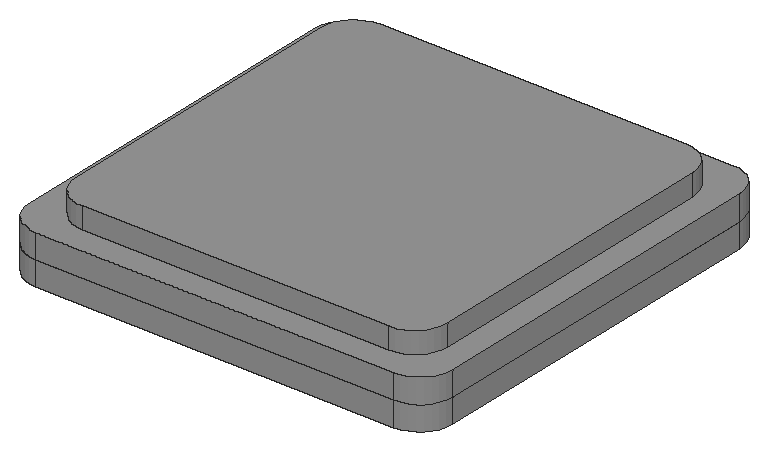
Revit family "FMS2_63_UN_Surface-mounted_ETK", category Lighting Fixtures, Revit 2019 (continued)
Definition of nested family "FMS.2 - Lightsource"
  Types (14, lengths in mm): name | Wattage Comments | Wattage | built-in parameter 1150134 | Photometric Web File | built-in parameter 1150142 | built-in parameter 1150105 | Lumens | built-in parameter 1150107 | built-in parameter 1150106 | Apparent Load
      80.8074\t980.235\t979.6626\t978.804\r\n977.9454\t976.8006\t975.942\t974.7972\t973.9386\t972.7938\t971.649\t970.5042\t969.0732\t967.9284\r\n966.7836\t965.3526\t963.9216\t962.7768\t961.0596\t959.3424\t957.9114\t956.1942\t954.7632\t951.9012\r\n949.0392\t946.1772\t943.3152\t940.167\t937.0188\t933.8706\t930.4362\t927.288\t923.8536\t920.7054\r\n917.5572\t914.409\t910.9746\t907.5402\t903.8196\t900.099\t896.6646\t892.944\t889.2234\t885.5028\r\n882.0684\t878.3478\t874.341\t870.6204\t866.8998\t862.3206\t857.4552\t852.5898\t847.4382\t842.0004\r\n836.8488\t831.411\t826.2594\t821.1078\t815.9562\t810.8046\t805.653\t800.5014\t795.3498\t789.912\r\n784.7604\t779.6088\t774.4572\t769.5918\t764.4402\t758.7162\t753.2784\t747.8406\t742.4028\t736.3926\r\n730.0962\t723.5136\t716.931\t710.3484\t704.052\t697.4694\t690.8868\t684.3042\t678.0078\t671.4252\r\n665.1288\t658.5462\t651.9636\t645.6672\t639.0846\t632.502\t625.9194\t619.3368\t612.7542\t606.1716\r\n599.3028\t591.8616\t584.7066\t577.2654\t570.1104\t562.6692\t555.228\t548.073\t540.6318\t533.1906\r\n525.7494\t518.3082\t510.867\t503.4258\t496.2708\t488.8296\t481.6746\t474.5196\t467.3646\t459.9234\r\n452.196\t444.1824\t436.455\t428.4414\t420.4278\t412.7004\t404.6868\t396.9594\t389.232\t381.2184\r\n373.491\t365.7636\t358.0362\t350.3088\t342.5814\t334.854\t327.1266\t319.113\t311.3856\t303.6582\r\n295.9308\t288.2034\t280.4474\t272.7772\t265.1357\t257.5228\t249.9098\t242.3255\t234.7699\t227.2428\r\n219.7157\t212.2173\t205.1482\t198.1363\t191.153\t184.1697\t177.2437\t170.289\t163.3916\t156.4942\r\n149.5967\t142.7279\t135.8591\t129.0476\t122.2074\t115.4245\t106.7812\t91.355\t75.9289\t60.4741\r\n45.0479\t29.6217\t14.1955\t0\t0\t0\t0\t0\t0\t0\r\n0\r\n985.1004\t983.9556\t983.097\t981.9522\t981.3798\t981.0936\t980.5212\t979.9488\t979.3764\t978.804\r\n977.9454\t976.8006\t975.942\t974.7972\t973.9386\t972.7938\t971.9352\t970.7904\t969.6456\t968.5008\r\n967.0698\t965.925\t964.7802\t963.6354\t962.2044\t961.0596\t959.3424\t956.4804\t953.6184\t950.7564\r\n947.8944\t945.0324\t942.1704\t939.3084\t936.4464\t933.2982\t930.15\t927.0018\t923.8536\t920.7054\r\n917.5572\t914.1228\t910.9746\t907.8264\t904.6782\t901.53\t898.0956\t894.9474\t891.513\t887.7924\r\n884.0718\t880.3512\t875.4858\t870.9066\t866.0412\t861.1758\t856.3104\t851.445\t846.5796\t841.7142\r\n836.8488\t831.9834\t826.8318\t821.9664\t817.101\t812.2356\t807.084\t801.9324\t797.067\t791.9154\r\n786.7638\t781.6122\t776.7468\t771.309\t766.1574\t759.861\t753.5646\t747.2682\t740.9718\t734.6754\r\n728.9514\t722.9412\t716.931\t710.6346\t704.3382\t698.0418\t691.7454\t685.1628\t678.8664\t672.2838\r\n665.9874\t659.691\t653.3946\t647.3844\t641.088\t634.7916\t627.6366\t620.4816\t613.0404\t605.8854\r\n598.7304\t591.5754\t584.4204\t577.2654\t570.1104\t562.9554\t555.8004\t548.6454\t541.4904\t534.3354\r\n527.4666\t520.3116\t513.1566\t506.0016\t499.1328\t491.6916\t483.9642\t476.2368\t468.5094\t460.782\r\n453.0546\t445.3272\t437.3136\t429.5862\t421.5726\t413.8452\t406.1178\t398.3904\t390.663\t382.9356\r\n375.4944\t368.0532\t360.3258\t352.5984\t344.5848\t336.8574\t328.8438\t321.1164\t313.1028\t305.3754\r\n297.648\t289.9206\t282.2218\t274.5517\t266.8529\t259.2113\t251.5698\t243.9283\t236.2867\t228.731\r\n221.576\t214.421\t207.2947\t200.1683\t193.0705\t186.0014\t178.9609\t171.9203\t164.9084\t157.8965\r\n150.8846\t143.9014\t136.9467\t129.992\t123.0374\t112.82\t97.4225\t82.0249\t66.656\t51.2584\r\n35.8609\t20.4862\t5.1001\t0\t0\t0\t0\t0\t0\t0\r\n0\r\n985.1004\t983.9556\t983.097\t981.9522\t981.3798\t980.8074\t980.235\t979.6626\t979.0902\t978.5178\r\n977.9454\t977.0868\t975.942\t975.0834\t974.2248\t973.08\t972.2214\t971.0766\t970.218\t969.0732\r\n967.6422\t966.4974\t965.3526\t964.2078\t963.3492\t961.0596\t958.1976\t955.6218\t952.7598\t949.8978\r\n947.0358\t944.1738\t941.3118\t938.4498\t935.5878\t932.7258\t929.8638\t927.0018\t924.1398\t921.2778\r\n918.1296\t914.9814\t911.8332\t908.685\t905.5368\t902.3886\t899.2404\t896.0922\t892.944\t888.3648\r\n883.7856\t879.2064\t874.6272\t870.048\t865.1826\t860.6034\t855.738\t851.1588\t846.2934\t841.7142\r\n836.8488\t832.2696\t827.4042\t822.5388\t817.6734\t812.808\t807.9426\t803.3634\t798.7842\t793.9188\r\n789.3396\t783.6156\t777.6054\t771.5952\t765.585\t759.5748\t753.5646\t747.5544\t741.258\t735.2478\r\n728.9514\t722.655\t716.6448\t710.3484\t704.3382\t698.0418\t692.0316\t686.0214\t679.725\t673.7148\r\n667.7046\t661.6944\t655.1118\t648.243\t641.3742\t634.5054\t627.3504\t620.4816\t613.6128\t606.4578\r\n599.589\t592.434\t585.279\t578.4102\t571.2552\t564.3864\t557.2314\t550.3626\t543.4938\t536.625\r\n529.47\t522.6012\t514.5876\t506.8602\t499.1328\t491.4054\t483.678\t475.9506\t468.5094\t460.782\r\n453.3408\t445.6134\t438.1722\t430.4448\t423.0036\t415.2762\t407.5488\t400.1076\t392.6664\t384.939\r\n377.2116\t369.4842\t361.4706\t353.7432\t346.0158\t338.0022\t330.2748\t322.5474\t314.82\t307.0926\r\n299.3652\t291.6378\t283.7673\t276.0685\t268.3697\t260.671\t253.0008\t245.3879\t238.147\t230.9062\r\n223.6653\t216.4244\t209.2122\t202.0286\t194.845\t187.6613\t180.4777\t173.3227\t166.1677\t159.0413\r\n151.915\t144.7886\t137.6908\t130.5931\t119.8606\t104.4916\t89.1227\t73.7537\t58.4134\t43.0445\r\n27.6784\t12.3152\t0\t0\t0\t0\t0\t0\t0\t0\r\n0\r\n985.1004\t983.9556\t983.097\t982.2384\t981.0936\t980.5212\t979.9488\t979.3764\t978.804\t978.2316\r\n977.6592\t976.8006\t976.2282\t975.3696\t974.2248\t973.3662\t972.5076\t971.649\t970.5042\t969.6456\r\n968.787\t967.6422\t966.4974\t965.0664\t962.4906\t959.9148\t957.339\t954.7632\t952.1874\t949.3254\r\n946.7496\t943.8876\t941.0256\t938.1636\t935.5878\t932.7258\t929.8638\t927.0018\t924.1398\t921.2778\r\n918.4158\t915.5538\t912.6918\t909.8298\t906.9678\t903.8196\t900.3852\t896.0922\t891.513\t887.22\r\n882.6408\t878.0616\t873.4824\t869.1894\t864.6102\t860.031\t855.738\t851.1588\t846.5796\t842.0004\r\n837.4212\t832.5558\t827.9766\t823.3974\t818.8182\t814.239\t809.6598\t805.3668\t799.929\t793.9188\r\n788.1948\t782.1846\t776.4606\t770.4504\t764.7264\t758.7162\t752.9922\t746.982\t741.258\t735.534\r\n729.5238\t723.7998\t718.0758\t712.0656\t706.0554\t700.0452\t694.3212\t688.311\t682.3008\t675.432\r\n668.5632\t661.6944\t654.8256\t647.9568\t641.088\t634.2192\t627.3504\t620.4816\t613.6128\t606.744\r\n599.8752\t593.2926\t586.4238\t579.555\t572.9724\t566.1036\t559.2348\t552.6522\t545.7834\t538.3422\r\n530.6148\t522.8874\t515.16\t507.7188\t499.9914\t492.264\t484.8228\t477.3816\t469.6542\t462.213\r\n454.7718\t447.0444\t439.6032\t432.162\t424.4346\t416.9934\t409.5522\t401.8248\t394.0974\t386.0838\r\n378.3564\t370.629\t362.6154\t354.888\t347.1606\t339.147\t331.4196\t323.6922\t315.9648\t307.9512\r\n300.2238\t292.4964\t284.8835\t277.1847\t269.4859\t261.7871\t254.489\t247.1623\t239.8642\t232.5661\r\n225.268\t217.9985\t210.7004\t203.431\t196.1615\t188.892\t181.6225\t174.3817\t167.1408\t159.8999\r\n152.6877\t145.4755\t138.2346\t128.0745\t112.7056\t97.3366\t81.9677\t66.5987\t51.2298\t35.8609\r\n20.5005\t5.1344\t0\t0\t0\t0\t0\t0\t0\t0\r\n0\r\n985.1004\t983.9556\t983.097\t982.2384\t981.3798\t980.5212\t979.9488\t979.3764\t978.804\t977.9454\r\n977.373\t976.5144\t975.942\t975.0834\t974.511\t973.6524\t972.7938\t971.9352\t971.0766\t970.218\r\n969.0732\t968.2146\t967.356\t964.7802\t962.2044\t959.6286\t956.7666\t954.1908\t951.3288\t948.753\r\n946.1772\t943.6014\t940.7394\t938.1636\t935.5878\t932.7258\t929.8638\t927.288\t924.426\t921.564\r\n918.9882\t916.1262\t913.5504\t910.6884\t907.5402\t903.5334\t899.2404\t894.9474\t890.6544\t886.3614\r\n882.0684\t877.7754\t873.4824\t869.1894\t864.8964\t860.6034\t856.3104\t851.7312\t847.4382\t843.1452\r\n838.566\t833.9868\t829.4076\t824.8284\t820.2492\t815.9562\t810.2322\t804.5082\t798.7842\t793.0602\r\n787.6224\t781.6122\t775.8882\t770.4504\t764.7264\t759.0024\t753.2784\t747.5544\t741.8304\t735.8202\r\n730.0962\t724.086\t718.362\t712.638\t706.914\t701.4762\t695.466\t688.5972\t682.0146\t675.1458\r\n668.5632\t661.9806\t655.1118\t648.5292\t641.6604\t635.0778\t628.209\t621.6264\t614.7576\t608.175\r\n601.3062\t594.7236\t587.8548\t581.2722\t574.4034\t567.8208\t560.6658\t553.2246\t545.4972\t538.056\r\n530.6148\t522.8874\t515.4462\t508.005\t500.5638\t492.8364\t485.3952\t477.954\t470.5128\t463.0716\r\n455.6304\t448.1892\t440.748\t433.3068\t425.8656\t418.4244\t410.4108\t402.6834\t394.956\t386.9424\r\n379.215\t371.4876\t363.7602\t355.7466\t348.0192\t340.2918\t332.5644\t324.837\t317.1096\t309.3822\r\n301.3686\t293.6412\t286.0283\t278.2723\t270.7166\t263.3326\t255.9487\t248.5647\t241.2094\t233.854\r\n226.4987\t219.1433\t211.8166\t204.4613\t197.1346\t189.8078\t182.5097\t175.183\t167.8563\t160.5582\r\n153.2601\t145.962\t137.376\t121.9784\t106.6095\t91.2406\t75.843\t60.4741\t45.1051\t29.7076\r\n14.3443\t0\t0\t0\t0\t0\t0\t0\t0\t0\r\n0\r\n985.1004\t984.2418\t983.097\t982.2384\t981.3798\t980.5212\t979.9488\t979.0902\t978.5178\t977.9454\r\n977.0868\t976.5144\t975.6558\t975.0834\t974.2248\t973.6524\t972.7938\t972.2214\t971.3628\t970.5042\r\n969.6456\t968.787\t966.7836\t964.2078\t961.632\t959.0562\t956.7666\t954.1908\t951.615\t949.0392\r\n946.4634\t943.6014\t941.0256\t938.1636\t935.5878\t933.012\t930.15\t927.5742\t924.9984\t922.4226\r\n919.5606\t916.9848\t914.1228\t910.6884\t906.3954\t902.1024\t898.0956\t893.8026\t889.5096\t885.5028\r\n881.2098\t877.203\t872.91\t868.9032\t864.6102\t860.6034\t856.3104\t852.0174\t847.7244\t843.4314\r\n839.4246\t835.1316\t830.8386\t826.5456\t821.1078\t815.67\t809.946\t804.5082\t798.7842\t793.0602\r\n787.3362\t781.6122\t775.8882\t770.4504\t764.7264\t759.0024\t753.2784\t747.5544\t741.8304\t736.1064\r\n730.3824\t724.6584\t718.9344\t713.4966\t707.4864\t700.9038\t694.6074\t688.0248\t681.4422\t674.8596\r\n668.5632\t661.6944\t655.1118\t648.5292\t641.9466\t635.364\t628.7814\t622.1988\t615.33\t608.7474\r\n602.1648\t595.296\t588.7134\t582.1308\t575.262\t567.8208\t560.3796\t552.9384\t545.4972\t538.056\r\n530.6148\t523.1736\t515.7324\t508.5774\t501.1362\t493.695\t486.2538\t479.0988\t471.6576\t464.2164\r\n456.7752\t449.334\t441.8928\t434.4516\t426.7242\t418.9968\t410.9832\t403.2558\t395.5284\t387.801\r\n380.0736\t372.06\t364.3326\t356.6052\t348.8778\t341.1504\t333.423\t325.6956\t317.9682\t310.2408\r\n302.5134\t294.786\t287.0586\t279.5602\t272.1476\t264.7064\t257.2938\t249.8526\t242.44\t235.0274\r\n227.6149\t220.2023\t212.8183\t205.4344\t198.0218\t190.6378\t183.2539\t175.8699\t168.5146\t161.1306\r\n153.7753\t146.3913\t132.482\t117.0558\t101.6582\t86.2607\t70.8631\t55.4656\t40.0394\t24.6475\r\n9.2471\t0\t0\t0\t0\t0\t0\t0\t0\t0\r\n0\r\n985.1004\t984.2418\t983.3832\t982.5246\t981.666\t980.8074\t979.9488\t979.0902\t978.5178\t977.9454\r\n977.0868\t976.5144\t975.6558\t975.0834\t974.2248\t973.6524\t972.7938\t971.9352\t971.3628\t970.5042\r\n969.9318\t968.5008\t966.2112\t963.6354\t961.3458\t958.77\t956.1942\t953.6184\t951.3288\t948.753\r\n946.1772\t943.6014\t941.3118\t938.736\t936.1602\t933.5844\t931.0086\t928.4328\t925.857\t923.2812\r\n920.7054\t917.8434\t914.1228\t910.116\t905.823\t901.8162\t897.5232\t893.5164\t889.2234\t885.2166\r\n881.2098\t876.9168\t872.91\t868.9032\t864.6102\t860.6034\t856.5966\t852.5898\t848.2968\t844.0038\r\n839.997\t835.704\t831.1248\t825.687\t820.2492\t814.8114\t809.0874\t803.6496\t798.2118\t792.774\r\n787.05\t781.6122\t776.1744\t770.4504\t765.0126\t759.2886\t753.8508\t748.1268\t742.689\t736.965\r\n731.5272\t725.8032\t720.0792\t713.4966\t707.2002\t700.6176\t694.035\t687.4524\t680.8698\t674.5734\r\n667.9908\t661.4082\t655.1118\t648.5292\t641.9466\t635.6502\t629.0676\t622.485\t615.9024\t609.606\r\n603.0234\t596.4408\t590.1444\t582.7032\t575.262\t567.8208\t560.6658\t553.2246\t545.7834\t538.3422\r\n531.1872\t523.746\t516.3048\t508.8636\t501.7086\t494.2674\t486.8262\t479.6712\t472.23\t464.7888\r\n457.6338\t450.1926\t442.7514\t435.024\t427.2966\t419.5692\t411.8418\t403.8282\t396.1008\t388.3734\r\n380.646\t372.9186\t365.1912\t357.4638\t349.7364\t342.009\t334.2816\t326.5542\t318.8268\t311.0994\r\n303.0858\t295.3584\t287.9172\t280.476\t273.0062\t265.565\t258.0952\t250.654\t243.2128\t235.7429\r\n228.3017\t220.8605\t213.4193\t205.9781\t198.5369\t191.0957\t183.6832\t176.242\t168.8008\t161.3882\r\n153.947\t143.8727\t128.4752\t113.0776\t97.6514\t82.2539\t66.8563\t51.4301\t36.0326\t20.6293\r\n5.2232\t0\t0\t0\t0\t0\t0\t0\t0\t0\r\n0\r\n985.1004\t984.2418\t983.3832\t982.5246\t981.666\t981.0936\t980.235\t979.3764\t978.804\t977.9454\r\n977.373\t976.5144\t975.942\t975.3696\t974.511\t973.9386\t973.08\t972.5076\t971.649\t970.7904\r\n970.218\t968.2146\t965.6388\t963.063\t960.7734\t958.1976\t955.908\t953.3322\t951.0426\t948.4668\r\n945.891\t943.6014\t941.0256\t938.736\t936.1602\t933.8706\t931.2948\t928.719\t926.1432\t923.8536\r\n921.2778\t918.1296\t913.8366\t909.8298\t905.823\t901.8162\t897.8094\t893.8026\t889.5096\t885.5028\r\n881.496\t877.4892\t873.1962\t869.1894\t864.8964\t860.8896\t856.8828\t852.5898\t848.583\t844.5762\r\n840.2832\t835.9902\t830.2662\t824.8284\t819.3906\t813.9528\t808.515\t803.0772\t797.6394\t792.4878\r\n787.05\t781.6122\t776.1744\t770.7366\t765.2988\t759.861\t754.4232\t748.9854\t743.5476\t738.1098\r\n732.672\t727.2342\t720.6516\t714.069\t707.4864\t700.9038\t694.6074\t688.0248\t681.4422\t674.8596\r\n668.277\t661.9806\t655.398\t648.8154\t642.2328\t635.9364\t629.3538\t622.7712\t616.4748\t609.8922\r\n603.3096\t596.727\t589.572\t582.1308\t574.9758\t567.8208\t560.3796\t553.2246\t545.7834\t538.6284\r\n531.1872\t524.0322\t516.591\t509.436\t501.9948\t494.8398\t487.3986\t480.2436\t472.8024\t465.6474\r\n458.2062\t450.765\t443.0376\t435.3102\t427.5828\t419.8554\t412.128\t404.4006\t396.6732\t388.6596\r\n380.9322\t373.2048\t365.4774\t357.75\t350.0226\t342.2952\t334.5678\t326.8404\t319.113\t311.0994\r\n303.372\t295.9308\t288.4896\t280.9053\t273.4355\t265.937\t258.4672\t250.9974\t243.5276\t236.0578\r\n228.5879\t221.1181\t213.6769\t206.2071\t198.7373\t191.2675\t183.8263\t176.3564\t168.8866\t161.4454\r\n153.9756\t140.9535\t125.5559\t110.1298\t94.7322\t79.3346\t63.9371\t48.5395\t33.142\t17.7301\r\n2.3285\t0\t0\t0\t0\t0\t0\t0\t0\t0\r\n0\r\n985.1004\t984.2418\t983.3832\t982.8108\t981.9522\t981.0936\t980.5212\t979.6626\t978.804\t978.2316\r\n977.373\t976.8006\t975.942\t975.3696\t974.7972\t973.9386\t973.3662\t972.7938\t971.9352\t971.3628\r\n970.7904\t968.5008\t965.925\t963.6354\t961.0596\t958.4838\t956.1942\t953.6184\t951.0426\t948.4668\r\n946.1772\t943.6014\t941.0256\t938.736\t936.1602\t933.5844\t931.2948\t928.719\t926.4294\t923.8536\r\n921.2778\t917.5572\t913.5504\t909.5436\t905.5368\t901.53\t897.5232\t893.5164\t889.2234\t885.2166\r\n881.2098\t877.203\t873.1962\t869.1894\t865.1826\t861.1758\t857.169\t853.1622\t848.8692\t844.8624\r\n840.8556\t835.704\t830.2662\t824.8284\t819.3906\t813.9528\t808.515\t803.0772\t797.6394\t792.2016\r\n786.7638\t781.326\t775.8882\t770.4504\t765.0126\t759.5748\t754.137\t748.6992\t743.2614\t737.8236\r\n732.3858\t726.0894\t719.5068\t713.2104\t706.6278\t700.3314\t693.7488\t687.4524\t680.8698\t674.5734\r\n667.9908\t661.6944\t655.1118\t648.8154\t642.2328\t635.6502\t629.3538\t622.7712\t616.4748\t609.8922\r\n603.3096\t596.4408\t588.9996\t581.8446\t574.6896\t567.2484\t560.0934\t552.6522\t545.4972\t538.3422\r\n530.901\t523.746\t516.591\t509.1498\t501.9948\t494.5536\t487.3986\t480.2436\t472.8024\t465.6474\r\n458.2062\t450.765\t443.0376\t435.3102\t427.2966\t419.5692\t411.8418\t404.1144\t396.387\t388.6596\r\n380.9322\t373.2048\t365.4774\t357.75\t350.0226\t342.2952\t334.5678\t326.8404\t319.113\t311.3856\r\n303.6582\t296.217\t288.7758\t281.1915\t273.7217\t266.2519\t258.782\t251.3122\t243.8424\t236.3726\r\n228.8741\t221.4043\t213.9345\t206.4647\t198.9949\t191.525\t184.0552\t176.5854\t169.1156\t161.6458\r\n154.1473\t139.3222\t123.9246\t108.4984\t93.0722\t77.6747\t62.2485\t46.8223\t31.4248\t16.0014\r\n0.5838\t0\t0\t0\t0\t0\t0\t0\t0\t0\r\n0\r\n985.1004\t984.2418\t983.6694\t982.8108\t982.2384\t981.3798\t980.8074\t979.9488\t979.0902\t978.5178\r\n977.6592\t977.0868\t976.2282\t975.6558\t974.7972\t973.9386\t973.3662\t972.5076\t971.9352\t971.0766\r\n970.5042\t967.9284\t965.3526\t963.063\t960.4872\t958.1976\t955.6218\t953.3322\t950.7564\t948.4668\r\n945.891\t943.6014\t941.0256\t938.736\t936.1602\t933.5844\t931.2948\t928.719\t926.4294\t923.8536\r\n921.564\t917.5572\t913.5504\t909.5436\t905.2506\t901.2438\t897.237\t893.2302\t889.2234\t885.2166\r\n881.2098\t877.203\t873.1962\t869.1894\t865.1826\t861.1758\t856.8828\t852.876\t848.8692\t844.8624\r\n840.8556\t835.4178\t829.98\t824.5422\t819.3906\t813.9528\t808.515\t803.0772\t797.6394\t792.2016\r\n786.7638\t781.326\t775.8882\t770.4504\t765.2988\t759.861\t754.4232\t748.9854\t743.5476\t738.1098\r\n732.672\t726.3756\t719.793\t713.4966\t706.914\t700.3314\t694.035\t687.4524\t681.156\t674.5734\r\n668.277\t661.6944\t655.398\t648.8154\t642.2328\t635.9364\t629.3538\t623.0574\t616.4748\t610.1784\r\n603.5958\t596.4408\t588.9996\t581.8446\t574.6896\t567.2484\t560.0934\t552.6522\t545.4972\t538.3422\r\n530.901\t523.746\t516.591\t509.1498\t501.9948\t494.5536\t487.3986\t480.2436\t472.8024\t465.6474\r\n458.2062\t450.4788\t442.7514\t435.024\t427.2966\t419.5692\t411.8418\t404.1144\t396.387\t388.6596\r\n380.9322\t373.2048\t365.4774\t357.75\t350.0226\t342.2952\t334.5678\t326.8404\t319.113\t311.3856\r\n303.6582\t296.217\t288.7758\t281.2487\t273.7789\t266.3091\t258.8107\t251.3408\t243.871\t236.4012\r\n228.9028\t221.4329\t213.9631\t206.4933\t198.9949\t191.525\t184.0552\t176.5854\t169.087\t161.6171\r\n154.1473\t138.7211\t123.3236\t107.8974\t92.4998\t77.0737\t61.6475\t46.2499\t30.8237\t15.4147\r\n0\t0\t0\t0\t0\t0\t0\t0\t0\t0\r\n0\r\n985.1004\t984.2418\t983.6694\t982.8108\t981.9522\t981.0936\t980.5212\t979.6626\t978.804\t978.2316\r\n977.373\t976.5144\t975.942\t975.0834\t974.2248\t973.6524\t972.7938\t971.9352\t971.3628\t970.5042\r\n969.6456\t967.356\t965.0664\t962.4906\t960.201\t957.6252\t955.3356\t952.7598\t950.4702\t947.8944\r\n945.6048\t943.029\t940.7394\t938.1636\t935.874\t933.5844\t931.0086\t928.719\t926.1432\t923.8536\r\n921.2778\t917.5572\t913.5504\t909.5436\t905.5368\t901.53\t897.5232\t893.5164\t889.2234\t885.2166\r\n881.2098\t877.203\t873.1962\t868.9032\t864.8964\t860.8896\t856.8828\t852.5898\t848.583\t844.5762\r\n840.2832\t835.1316\t829.6938\t824.256\t818.8182\t813.3804\t807.9426\t802.5048\t797.067\t791.9
